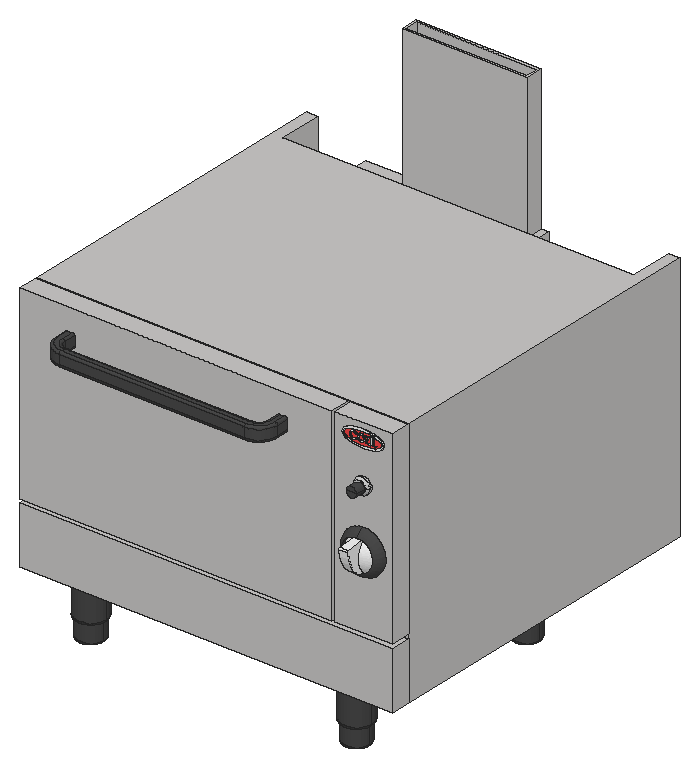
Revit family "QF_MACOM_FOGCP-70", category Equipamento especial, Revit 2020
Family settings
  Cota do conector redondo = Utilizar diâmetro
  Tipo de parte = Normal
  Número OmniClass = 23.40.40.14.17.11
  Título OmniClass = Cookers, Ovens, Stoves
  Com base no plano de trabalho = Não
  Sempre na vertical = Sim
  Corte com vazios quando carregada = Não
  Compartilhado = Não
  Ponto de cálculo do ambiente = Não
Parameters (values of type "FOGCP-70")
  Weight [instance] = 65.00 kg
  URL = "https://cozil.com.br/"
  Modelo = "FOGCP-70"
  Gas Size [instance] = 12.7 mm
  Gas Pressure GN = 0.02 bar
  Gas Pressure GLP = 0.0285 bar
  Gas Input GN = "3070 kcal/h"
  Gas Input GLP = 12147 Btu/h
  Gas Flow GN [instance] = 0.326 m³/h
  Gas Flow GLP = "0.267 Kg/h"
  Fabricante = "COZIL"
  Elevação padrão = 0.00 mm
  Descrição = "FORNO DE BASE MODULAR A GAS - 700X732X620MM (COMPACT LINE II)"
  Type Comments = ""
  Show Logo [instance] = yes
  Show Clearances [instance] = yes
  Serial Number [instance] = ""
  Seismic Rating [instance] = ""
  SMACNA No [instance] = ""
  Revision Code [instance] = ""
  NAFEM Spec ID Number [instance] = ""
  Masterspec [instance] = ""
  Length Actual [instance] = 700.00 mm
  Item Number [instance] = ""
  Identify Quantity as Lot [instance] = yes
  Height Actual [instance] = 620.00 mm
  Gas Connection Height [instance] = 356.00 mm
  Foodservice Equipment Identifier [instance] = yes
  Depth Actual [instance] = 732.00 mm
  CSI MasterFormat [instance] = ""
  CE Approved [instance] = yes
Reference planes
  plane 1 "Centro (Frontal/Traseira)": y = 0
  plane 2: z = 0
  plane 3 "Centro (Esquerda/Direita)": x = 0
  plane 4: y = 732
  plane 5: x = 700
  plane 6: z = 150
  plane 7: z = 620
  plane 8: y = 57
  plane 9: z = 592.38
  plane 10: y = 57
  plane 11: y = 57
  plane 12: x = 45
  plane 13: x = 545
  plane 14: z = 150
  plane 15: z = 150
  plane 16: y = 167
  plane 17: y = 567
Forms (mm)
  Extrusion 1, solid, material "QF_Metal_Stainless Steel"
    sketch origin (1089.021, -1524, 150) x (0, -1, 0) y (-1, 0, 0)
      loop
        line (-2256, 1089.021) -> (-2256, 1069.021) -> (-2174.27, 1069.021) -> (-2174.27, 409.021) -> (-2256, 409.021) -> (-2256, 389.021) -> (-1619, 389.021) -> (-1619, 1089.021) -> (-2256, 1089.021)
    from 0 to -470
  Extrusion 2, solid, material "QF_Metal_Stainless Steel"
    sketch origin (0, 0, 0) x (1, 0, 0) y (0, 1, 0)
      loop
        line (124.152, 650.275) -> (469, 650.275) -> (469, 714.875) -> (124.152, 714.875) -> (124.152, 650.275)
    from 590 to 520
  Extrusion 3, solid, material "QF_Metal_Stainless Steel"
    sketch origin (700, 95, 150) x (-1, 0, 0) y (0, 0, -1)
      loop
        line (700, -470) -> (700, -115.55) -> (113, -115.55) -> (113, -470) -> (700, -470)
    from 0 to 38
  Extrusion 4, solid, material "QF_Metal_Stainless Steel"
    sketch origin (700, 95, 150) x (-1, 0, 0) y (0, 0, -1)
      loop
        line (108.2, -115.55) -> (0, -115.55) -> (0, -470) -> (108.2, -470) -> (108.2, -115.55)
    from 0 to 38
  Extrusion 5, solid, material "QF_Metal_Stainless Steel"
    sketch origin (700, 95, 150) x (-1, 0, 0) y (0, 0, -1)
      loop
        line (700, 0) -> (0, 0) -> (0, -107.7) -> (700, -107.7) -> (700, 0)
    from 0 to 38
  Extrusion 6, solid, material "QF_Metal_Stainless Steel"
    sketch origin (0, 0, 590) x (1, 0, 0) y (0, 1, 0)
      loop
        line (453.62, 682.475) -> (453.62, 714.875) -> (218.82, 714.875) -> (218.82, 682.475) -> (453.62, 682.475)
      loop
        line (450.62, 685.475) -> (450.62, 711.875) -> (221.82, 711.875) -> (221.82, 685.475) -> (450.62, 685.475)
    from 0 to 269.3
  Extrusion 7, solid, material "QF_Clearences", visible <- "Show Clearances", detail levels coarse
    sketch origin (0, 95, 585) x (0, 0, 1) y (0, 1, 0)
      loop
        line (35, 0) -> (-319.45, 0) -> (-319.45, -354.45)
        arc (-319.45, -354.45) -> (-68.816, -250.634) -> (35, 0) r 354.45
    from 0 to -587
  Extrusion 8, solid, material "QF_Metal_Stainless Steel"
    sketch origin (20, 650.27, 150) x (1, 0, 0) y (0, 0, -1)
      loop
        circle (603, -206) r 6.35
    from 0 to 6.35
Cuts and joins
  joined: Extrusion 1, Extrusion 2, Extrusion 6
Lines and regions (mm)
  symbolic lines
    curve 1: line (0, 732, 0) -> (20, 732, 0)
    curve 2: line (20, 732, 0) -> (20, 650.275, 0)
    curve 3: line (20, 650.275, 0) -> (680, 650.275, 0)
    curve 4: line (680, 650.275, 0) -> (680, 732, 0)
    curve 5: line (680, 732, 0) -> (700, 732, 0)
    curve 6: line (700, 732, 0) -> (700, 57, 0)
    curve 7: line (700, 57, 0) -> (0, 57, 0)
    curve 8: line (0, 57, 0) -> (0, 732, 0)
    curve 9: line (124.152, 650.275, 0) -> (124.152, 714.875, 0)
    curve 10: line (124.152, 714.875, 0) -> (469, 714.875, 0)
    curve 11: line (469, 714.875, 0) -> (469, 650.275, 0)
    curve 12: line (218.82, 682.475, 0) -> (453.62, 682.475, 0)
    curve 13: line (218.82, 714.875, 0) -> (218.82, 682.475, 0)
    curve 14: line (453.62, 714.875, 0) -> (218.82, 714.875, 0)
    curve 15: line (453.62, 682.475, 0) -> (453.62, 714.875, 0)
    curve 16: line (221.82, 711.875, 0) -> (450.62, 711.875, 0)
    curve 17: line (221.82, 685.475, 0) -> (221.82, 711.875, 0)
    curve 18: line (450.62, 685.475, 0) -> (221.82, 685.475, 0)
    curve 19: line (450.62, 711.875, 0) -> (450.62, 685.475, 0)
    curve 20: line (0, 95, 0) -> (700, 95, 0)
    curve 21: line (591.8, 95, 0) -> (591.8, 57, 0)
    curve 22: line (587, 95, 0) -> (587, 57, 0)
    curve 23: line (85.001, 57, 0) -> (85.001, 34, 0)
    curve 24: line (119.001, 0, 0) -> (468, 0, 0)
    curve 25: line (502, 57, 0) -> (502, 34, 0)
    curve 26: arc (502, 34, 0) -> (492.042, 9.958, 0) -> (468, 0, 0) r 34
    curve 27: arc (85.001, 34, 0) -> (94.959, 9.958, 0) -> (119.001, 0, 0) r 34
    curve 28: line (102.001, 57, 0) -> (102.001, 34.052, 0)
    curve 29: line (485, 57, 0) -> (485, 34.052, 0)
    curve 30: line (468, 17.052, 0) -> (119.001, 17.052, 0)
    curve 31: arc (485, 34.052, 0) -> (480.021, 22.031, 0) -> (468, 17.052, 0) r 17
    curve 32: arc (119.001, 17.052, 0) -> (106.98, 22.031, 0) -> (102.001, 34.052, 0) r 17
Dimensions and locks
  "Depth Actual": plane 1 "Centro (Frontal/Traseira)" to plane 4
  "Length Actual": plane 3 "Centro (Esquerda/Direita)" to plane 5
  locked: Extrusion 1 sketch curve to plane 1 "Centro (Frontal/Traseira)" at 95
  Extrusion 1 sketch curve to plane 4 = 81.73 mm
  locked: plane 3 "Centro (Esquerda/Direita)" to Extrusion 1 sketch curve at 20
  locked: Extrusion 1 sketch curve to plane 5 at 20
  plane 6 to level = 150.00 mm
  plane 7 to plane 6 = 470.00 mm
  plane 4 to plane 8 = 675.00 mm
  plane 3 "Centro (Esquerda/Direita)" to nested 1 = 85.00 mm
  plane 7 to nested 2 = 26.00 mm
  plane 7 to nested 4 = 105.00 mm
  plane 12 to plane 3 "Centro (Esquerda/Direita)" = 45.00 mm
  plane 13 to plane 12 = 500.00 mm
  plane 4 to plane 17 = 165.00 mm
  plane 16 to plane 8 = 110.00 mm
  plane 5 to Extrusion 8 sketch curve = 77.00 mm
  "Gas Connection Height": level to Extrusion 8 sketch curve
  "Height Actual": level to plane 7
  locked: nested 1 to plane 7 at 41.2
  equal spacing: Extrusion 7, nested 1, plane 3 "Centro (Esquerda/Direita)"
  equal spacing: plane 5, nested 2, Extrusion 4
  equal spacing: Extrusion 4, nested 3, plane 5
  locked: Extrusion 5 sketch curve to plane 6 at 107.7
  Extrusion 3 sketch curve to Extrusion 5 = 7.85 mm
  Extrusion 2 sketch curve to plane 5 = 231.00 mm
  Extrusion 6 sketch curve to Extrusion 6 sketch curve = 234.80 mm
  "Gas Size": diameter of Extrusion 8 sketch curve
  aligned and locked: level to plane 2
  aligned and locked: plane 3 "Centro (Esquerda/Direita)" to Extrusion 1 sketch curve
  aligned and locked: Extrusion 1 sketch curve to plane 5
  aligned and locked: plane 6 to Extrusion 1
  aligned and locked: plane 8 to Extrusion 3
  aligned and locked: Extrusion 4 sketch curve to Extrusion 1
  aligned and locked: Extrusion 1 to Extrusion 4 sketch curve
  aligned and locked: Extrusion 4 to Extrusion 3
  aligned and locked: Extrusion 5 sketch curve to Extrusion 1
  aligned and locked: Extrusion 1 to Extrusion 5 sketch curve
  aligned and locked: Extrusion 5 sketch curve to Extrusion 4
  aligned and locked: Extrusion 5 to Extrusion 3
  aligned and locked: plane 8 to nested 1
  aligned and locked: plane 10 to nested 2
  aligned and locked: plane 8 to plane 10
  aligned and locked: plane 8 to plane 11
  aligned and locked: plane 8 to nested 4
  aligned and locked: nested 4 to nested 2
  aligned and locked: plane 12 to nested 6
  aligned and locked: plane 12 to nested 5
  aligned and locked: plane 13 to nested 7
  aligned and locked: nested 7 to plane 14
  aligned and locked: nested 8 to plane 14
  aligned and locked: plane 14 to nested 5
  aligned and locked: nested 6 to plane 15
  aligned and locked: plane 6 to plane 14
  aligned and locked: plane 6 to plane 15
  aligned and locked: plane 13 to nested 8
  aligned and locked: plane 16 to nested 7
  aligned and locked: plane 16 to nested 5
  aligned and locked: plane 17 to nested 6
  aligned and locked: plane 17 to nested 8
  aligned and locked: Extrusion 7 to plane 3 "Centro (Esquerda/Direita)"
  aligned and locked: plane 3 "Centro (Esquerda/Direita)" to Extrusion 3 sketch curve
  aligned and locked: plane 7 to Extrusion 3 sketch curve
  aligned and locked: Extrusion 3 to Extrusion 4
  aligned and locked: Extrusion 7 sketch curve to cut or joined group of Extrusion 1, Extrusion 2, Extrusion 6
  aligned and locked: curve 2 to cut or joined group of Extrusion 1, Extrusion 2, Extrusion 6
  aligned and locked: curve 4 to cut or joined group of Extrusion 1, Extrusion 2, Extrusion 6
  aligned and locked: curve 10 to cut or joined group of Extrusion 1, Extrusion 2, Extrusion 6
  aligned and locked: curve 11 to cut or joined group of Extrusion 1, Extrusion 2, Extrusion 6
  aligned and locked: cut or joined group of Extrusion 1, Extrusion 2, Extrusion 6 to curve 14
  aligned and locked: cut or joined group of Extrusion 1, Extrusion 2, Extrusion 6 to curve 17
  aligned and locked: cut or joined group of Extrusion 1, Extrusion 2, Extrusion 6 to curve 12
  aligned and locked: curve 13 to cut or joined group of Extrusion 1, Extrusion 2, Extrusion 6
  aligned and locked: curve 15 to cut or joined group of Extrusion 1, Extrusion 2, Extrusion 6
  aligned and locked: cut or joined group of Extrusion 1, Extrusion 2, Extrusion 6 to curve 19
  aligned and locked: curve 16 to cut or joined group of Extrusion 1, Extrusion 2, Extrusion 6
  aligned and locked: curve 18 to cut or joined group of Extrusion 1, Extrusion 2, Extrusion 6
  aligned and locked: curve 21 to Extrusion 4
  aligned and locked: curve 22 to Extrusion 3
Automatic sketch dimensions
  plane 4 to Extrusion 1 sketch curve = 0.00 mm  (x2)
  Extrusion 4 sketch curve to Extrusion 1 = 108.20 mm
  Extrusion 1 to Extrusion 4 sketch curve = 115.55 mm
  Extrusion 3 sketch curve to Extrusion 1 = 113.00 mm
  plane 7 to Extrusion 7 sketch curve = 0.00 mm
  Extrusion 7 sketch curve to plane 6 = 115.55 mm
  plane 4 to Extrusion 2 sketch curve = 81.725 mm
  plane 4 to Extrusion 2 sketch curve = 17.125 mm
  plane 12 to Extrusion 2 sketch curve = 79.152 mm
  Extrusion 6 sketch curve to Extrusion 2 = 0.00 mm
  Extrusion 6 sketch curve to Extrusion 6 sketch curve = 3.00 mm  (x3)
  Extrusion 6 sketch curve to Extrusion 2 = 29.40 mm
  Extrusion 6 sketch curve to Extrusion 2 = 3.00 mm
  Extrusion 6 sketch curve to Extrusion 2 = 18.38 mm
  curve 1 to plane 3 "Centro (Esquerda/Direita)" = 0.00 mm
  plane 8 to curve 23 = 0.00 mm
  plane 1 "Centro (Frontal/Traseira)" to curve 24 = 0.00 mm
  plane 4 to curve 5 = 0.00 mm
  curve 5 to plane 5 = 0.00 mm
  plane 4 to curve 2 = 0.00 mm
  plane 8 to curve 23 = 23.00 mm
  plane 12 to curve 23 = 40.001 mm
  curve 28 to curve 27 = 17.00 mm
  plane 12 to curve 10 = 79.152 mm
  curve 27 to curve 30 = 0.00 mm
  plane 8 to curve 26 = 23.00 mm
  curve 26 to plane 13 = 77.00 mm
  curve 30 to curve 26 = 0.00 mm
  curve 31 to curve 29 = 17.00 mm
  curve 30 to curve 26 = 16.948 mm
  plane 4 to curve 3 = 81.725 mm
  curve 20 to plane 8 = 38.00 mm
Nested families
  nested 1: "PEGADOR" at (293.5, 57, 552.8), type "PEGADOR"
    with Weight 0.00 kg, Watts 0 W, Warranty Start Date "", Warranty Duration "", Volts 0 V, URL Recommended Spares List "", URL Manufacturer "", URL Cutsheet "", URL Critical Spares List "", Technical Documentation "", Tag Number "", Steam type "", Steam Supply Volume 0.0 m³/h, Steam Supply Size 0 mm, Steam Supply Minimum Pressure 0.0 bar, Steam Supply Maximum Pressure 0.0 bar, Steam Supply Connection Height 0.00 mm, Steam Pounds per Hour 0, Status "", Specification by User "", Specification by Manufacturer "", Sound Level "", Solid Fuel Type "", Show Logo yes, Show Clearances yes, Service Life Duration "", Serial Number "", Seismic Rating "", SMACNA No "", Revision Code "", Revision "", Refrigeration Working Pressure 0.0 bar, Refrigeration Evaporation Temperature -273.15 °C, Refrigeration Energy Efficiency Index "", Refrigeration Defrost Drain yes, Refrigeration Climate Class "", Refrigerant Type "", Refrigerant Mass 0, Refrigerant Flow 0.0 m³/h, Production Year "", Point Load 0, Phase 0, Operational Current 0 A, NAFEM Spec ID Number "", Model Warning "", Masterspec "", Length Actual 0.00 mm, Item Number "", Installed By "", Installation Date "", Ingress Protection Code "", Identify Quantity as Lot yes, ID "", Hygiene Approval "", Height Actual 0.00 mm, Gas Size 0 mm, Gas Input 0 Btu/h, Gas Flow GN 0.0 m³/h, Gas Connection Height 0.00 mm, Furnished By "", Fuel Type "", Foodservice Equipment Identifier yes, Flue Type "", Exhaust Volume 0.0 L/s, Exhaust Vent Width 0.00 mm, Exhaust Vent Height 0.00 mm, Exhaust Vent Diameter 0.00 mm, Exhaust Vent Depth 0.00 mm, Exhaust Air Temperature -273.15 °C, Elec Conn Connection Height 0.00 mm, ETL Approved yes, Depth Actual 0.00 mm, Cycle 0 Hz, CSI MasterFormat "", CE Approved yes, Accessory yes
  nested 2: "LOGOTIPO COZIL" at (645.9, 57, 594), visible <- "Show Logo", type "LOGOTIPO COZIL"
    with Weight 0.00 kg, Watts 0 W, Waste Water Discharge Temperature -273.15 °C, Waste Remarks "", Warranty Start Date "", Warranty Duration "", Volts 0 V, Volt Free Conn yes, Ventilation Remarks "", URL Recommended Spares List "", URL Manufacturer "", URL Cutsheet "", URL Critical Spares List "", Technical Documentation "", Tag Number "", Steam type "", Steam Supply Volume 0.0 m³/h, Steam Supply Size 0 mm, Steam Supply RI Height 0.00 mm, Steam Supply Minimum Pressure 0.0 bar, Steam Supply Maximum Pressure 0.0 bar, Steam Supply Connection Height 0.00 mm, Steam Remarks "", Steam Pounds per Hour 0, Status "", Start Up Current 0 A, Specification by User "", Specification by Manufacturer "", Sound Level "", Solid Fuel Type "", Show Logo yes, Show Clearances yes, Service Life Duration "", Serial Number "", Sensible Heat Output 0 Btu/h, Seismic Rating "", SMACNA No "", Revision Code "", Revision "", Refrigeration Working Pressure 0.0 bar, Refrigeration Suction Line Size 0 mm, Refrigeration Liquid Line Size 0 mm, Refrigeration Evaporation Temperature -273.15 °C, Refrigeration Energy Efficiency Index "", Refrigeration Defrost Drain yes, Refrigeration Climate Class "", Refrigerant Type "", Refrigerant Mass 0, Refrigerant Flow 0.0 m³/h, Refrigerant Compressor Remote yes, Production Year "", Preheated Hot Water Temperature Recommended -273.15 °C, Preheated Hot Water Size 0 mm, Preheated Hot Water RI Height 0.00 mm, Preheated Hot Water Quality "", Preheated Hot Water Minimum Pressure 0.0 bar, Preheated Hot Water Maximum Pressure 0.0 bar, Preheated Hot Water Flow 0.0 m³/h, Preheated Hot Water Connection Height 0.00 mm, Potential Equalisation yes, Point Load 0, Plumbing Remarks "", Plumbing Connection Type "", Phase 0, Other Equipment Approvals "", Operational Current 0 A, Odor Trap Included yes, Number of Poles 1, No Load Power Draw yes, National Water Regulation Certification yes, NAFEM Spec ID Number "", Model Warning "", Min Ckt Ampacity 0 A, Mechanical Remarks "", Mechanical Connection Type "", Max Overcurrent Protection 0 A, Masterspec "", Main switch integrated yes, MU Air Volume 0.0 L/s, MU Air Vent Width 0.00 mm, MU Air Vent Diameter 0.00 mm, MU Air Vent Depth 0.00 mm, MU Air Static Press 0.0 Pa, MU Air Speed at Spigot 0.0 L/s, MU Air RI Height 0.00 mm, Length Actual 0.00 mm, Latent Heat Output 0 Btu/h, Item Number "", Installed By "", Installation Date "", Ingress Protection Code "", Indirect Waste Size 0 mm, Indirect Waste Flow 0.0 m³/h, Indirect Waste Connection Type "", Indirect Waste Connection Height 0.00 mm, Identify Quantity as Lot yes, ID "", Hygiene Approval "", Hot Water Temperature -273.15 °C, Hot Water Supply Temperature -273.15 °C, Hot Water Size 0 mm, Hot Water RI Height 0.00 mm, Hot Water Quality "", Hot Water Minimum Pressure 0.0 bar, Hot Water Maximum Pressure 0.0 bar, Hot Water Flow 0.0 m³/h, Hot Water Consumption "", Hot Water Connection Height 0.00 mm, Height Actual 0.00 mm, HP "", Gas Size Flexible 0 mm, Gas Size Fixed 0 mm, Gas Size 0 mm, Gas RI Height 0.00 mm, Gas Input 0 Btu/h, Gas Flow 0.0 m³/h, Gas Connection Height 0.00 mm, Furnished By "", Fuel Type "", Foodservice Equipment Identifier yes, Flue Type "", Filtered Treated Water Supply Size 0 mm, Filtered Treated Water Recommended Temperature -273.15 °C, Filtered Treated Water RI Height 0.00 mm, Filtered Treated Water Quality "", Filtered Treated Water Minimum Pressure 0.0 bar, Filtered Treated Water Maximum Pressure 0.0 bar, Filtered Treated Water Flow 0.0 m³/h, Filtered Treated Water Consumption "", Filtered Treated Water Connection Height 0.00 mm, FL Amps 0 A, Exhaust Volume 0.0 L/s, Exhaust Vent Width 0.00 mm, Exhaust Vent Height 0.00 mm, Exhaust Vent Diameter 0.00 mm, Exhaust Vent Depth 0.00 mm, Exhaust Static Press 0.0 Pa, Exhaust Speed at Spigot 0.0 L/s, Exhaust RI Height 0.00 mm, Exhaust Air Temperature -273.15 °C, Exhaust Air Humidity 0, Energy Efficiency Labelling "", Electrical Remarks "", Electric Connection Type "", Elec Conn RI Height 0.00 mm, Elec Conn Connection Height 0.00 mm, Earth Leakage Switch necessary yes, Earth Leakage Switch Type "", ETL Approved yes, Direct Waste Size 0 mm, Direct Waste RI Height 0.00 mm, Direct Waste Flow 0.0 m³/h, Direct Waste Connection Height 0.00 mm, Direct Heat Output 0 Btu/h, Digital Connectivity Description "", Depth Actual 0.00 mm, Cycle 0 Hz, Connection to energy optimisation system yes, Conn Plug "", Conn Conduit yes, Condensate Return Size 0 mm, Condensate Return RI Height 0.00 mm, Condensate Return Connection Height 0.00 mm, Compressed Air Volume 0.0 m³/h, Compressed Air Size 0 mm, Compressed Air RI Height 0.00 mm, Compressed Air Quality "", Compressed Air Pressure 0.0 bar, Compressed Air Connection Height 0.00 mm, Cold Water Temperature Recommended -273.15 °C, Cold Water Size 0 mm, Cold Water RI Height 0.00 mm, Cold Water Quality "", Cold Water Minimum Pressure 0.0 bar, Cold Water Maximum Pressure 0.0 bar, Cold Water Flow 0.0 m³/h, Cold Water Consumption "", Cold Water Connection Height 0.00 mm, Chilled Water Temperature -273.15 °C, Chilled Water Supply Size 0 mm, Chilled Water Supply RI Height 0.00 mm, Chilled Water Supply Quality "", Chilled Water Supply Maximum Temperature -273.15 °C, Chilled Water Supply Connection Height 0.00 mm, Chilled Water Return Size 0 mm, Chilled Water Return RI Height 0.00 mm, Chilled Water Return Minimum Pressure 0.0 bar, Chilled Water Return Maximum Pressure 0.0 bar, Chilled Water Return Connection Height 0.00 mm, Chilled Water Minimum Pressure 0.0 bar, Chilled Water Maximum Pressure 0.0 bar, Chilled Water Flow 0.0 m³/h, CSI MasterFormat "", CO2 Volume 0.0 m³/h, CO2 Size 0 mm, CO2 RI Height 0.00 mm, CO2 Pressure 0.0 bar, CO2 Connection Height 0.00 mm, CE Approved yes, Barcode "", BTUH 0 Btu/h, Author "", Asset Identifier "", Apparent Power 0 VA, Accessory yes, Ability for Digital Connectivity yes
  nested 3: "Botão Fogão" at (645.9, 57, 403) x (0, 0, -1) z (0, -1, 0), type "Botão Fogão"
    with Weight 0.00 kg, Watts 0 W, Waste Water Discharge Temperature -273.15 °C, Waste Remarks "", Warranty Start Date "", Warranty Duration "", Volts 0 V, Volt Free Conn yes, Ventilation Remarks "", URL Recommended Spares List "", URL Manufacturer "", URL Cutsheet "", URL Critical Spares List "", Technical Documentation "", Tag Number "", Steam type "", Steam Supply Volume 0.0 m³/h, Steam Supply Size 0 mm, Steam Supply RI Height 0.00 mm, Steam Supply Minimum Pressure 0.0 bar, Steam Supply Maximum Pressure 0.0 bar, Steam Supply Connection Height 0.00 mm, Steam Remarks "", Steam Pounds per Hour 0, Status "", Start Up Current 0 A, Specification by User "", Specification by Manufacturer "", Sound Level "", Solid Fuel Type "", Show Logo yes, Show Clearances yes, Service Life Duration "", Serial Number "", Sensible Heat Output 0 Btu/h, Seismic Rating "", SMACNA No "", Revision Code "", Revision "", Refrigeration Working Pressure 0.0 bar, Refrigeration Suction Line Size 0 mm, Refrigeration Liquid Line Size 0 mm, Refrigeration Evaporation Temperature -273.15 °C, Refrigeration Energy Efficiency Index "", Refrigeration Defrost Drain yes, Refrigeration Climate Class "", Refrigerant Type "", Refrigerant Mass 0, Refrigerant Flow 0.0 m³/h, Refrigerant Compressor Remote yes, Production Year "", Preheated Hot Water Temperature Recommended -273.15 °C, Preheated Hot Water Size 0 mm, Preheated Hot Water RI Height 0.00 mm, Preheated Hot Water Quality "", Preheated Hot Water Minimum Pressure 0.0 bar, Preheated Hot Water Maximum Pressure 0.0 bar, Preheated Hot Water Flow 0.0 m³/h, Preheated Hot Water Connection Height 0.00 mm, Potential Equalisation yes, Point Load 0, Plumbing Remarks "", Plumbing Connection Type "", Phase 0, Other Equipment Approvals "", Operational Current 0 A, Odor Trap Included yes, Number of Poles 1, No Load Power Draw yes, National Water Regulation Certification yes, NAFEM Spec ID Number "", Model Warning "", Min Ckt Ampacity 0 A, Mechanical Remarks "", Mechanical Connection Type "", Max Overcurrent Protection 0 A, Masterspec "", Main switch integrated yes, MU Air Volume 0.0 L/s, MU Air Vent Width 0.00 mm, MU Air Vent Diameter 0.00 mm, MU Air Vent Depth 0.00 mm, MU Air Static Press 0.0 Pa, MU Air Speed at Spigot 0.0 L/s, MU Air RI Height 0.00 mm, Length Actual 0.00 mm, Latent Heat Output 0 Btu/h, Item Number "", Installed By "", Installation Date "", Ingress Protection Code "", Indirect Waste Size 0 mm, Indirect Waste Flow 0.0 m³/h, Indirect Waste Connection Type "", Indirect Waste Connection Height 0.00 mm, Identify Quantity as Lot yes, ID "", Hygiene Approval "", Hot Water Temperature -273.15 °C, Hot Water Supply Temperature -273.15 °C, Hot Water Size 0 mm, Hot Water RI Height 0.00 mm, Hot Water Quality "", Hot Water Minimum Pressure 0.0 bar, Hot Water Maximum Pressure 0.0 bar, Hot Water Flow 0.0 m³/h, Hot Water Consumption "", Hot Water Connection Height 0.00 mm, Height Actual 0.00 mm, HP "", Gas Size Flexible 0 mm, Gas Size Fixed 0 mm, Gas Size 0 mm, Gas RI Height 0.00 mm, Gas Input 0 Btu/h, Gas Flow 0.0 m³/h, Gas Connection Height 0.00 mm, Furnished By "", Fuel Type "", Foodservice Equipment Identifier yes, Flue Type "", Filtered Treated Water Supply Size 0 mm, Filtered Treated Water Recommended Temperature -273.15 °C, Filtered Treated Water RI Height 0.00 mm, Filtered Treated Water Quality "", Filtered Treated Water Minimum Pressure 0.0 bar, Filtered Treated Water Maximum Pressure 0.0 bar, Filtered Treated Water Flow 0.0 m³/h, Filtered Treated Water Consumption "", Filtered Treated Water Connection Height 0.00 mm, FL Amps 0 A, Exhaust Volume 0.0 L/s, Exhaust Vent Width 0.00 mm, Exhaust Vent Height 0.00 mm, Exhaust Vent Diameter 0.00 mm, Exhaust Vent Depth 0.00 mm, Exhaust Static Press 0.0 Pa, Exhaust Speed at Spigot 0.0 L/s, Exhaust RI Height 0.00 mm, Exhaust Air Temperature -273.15 °C, Exhaust Air Humidity 0, Energy Efficiency Labelling "", Electrical Remarks "", Electric Connection Type "", Elec Conn RI Height 0.00 mm, Elec Conn Connection Height 0.00 mm, Earth Leakage Switch necessary yes, Earth Leakage Switch Type "", ETL Approved yes, Direct Waste Size 0 mm, Direct Waste RI Height 0.00 mm, Direct Waste Flow 0.0 m³/h, Direct Waste Connection Height 0.00 mm, Direct Heat Output 0 Btu/h, Digital Connectivity Description "", Depth Actual 0.00 mm, Cycle 0 Hz, Connection to energy optimisation system yes, Conn Plug "", Conn Conduit yes, Condensate Return Size 0 mm, Condensate Return RI Height 0.00 mm, Condensate Return Connection Height 0.00 mm, Compressed Air Volume 0.0 m³/h, Compressed Air Size 0 mm, Compressed Air RI Height 0.00 mm, Compressed Air Quality "", Compressed Air Pressure 0.0 bar, Compressed Air Connection Height 0.00 mm, Cold Water Temperature Recommended -273.15 °C, Cold Water Size 0 mm, Cold Water RI Height 0.00 mm, Cold Water Quality "", Cold Water Minimum Pressure 0.0 bar, Cold Water Maximum Pressure 0.0 bar, Cold Water Flow 0.0 m³/h, Cold Water Consumption "", Cold Water Connection Height 0.00 mm, Chilled Water Temperature -273.15 °C, Chilled Water Supply Size 0 mm, Chilled Water Supply RI Height 0.00 mm, Chilled Water Supply Quality "", Chilled Water Supply Maximum Temperature -273.15 °C, Chilled Water Supply Connection Height 0.00 mm, Chilled Water Return Size 0 mm, Chilled Water Return RI Height 0.00 mm, Chilled Water Return Minimum Pressure 0.0 bar, Chilled Water Return Maximum Pressure 0.0 bar, Chilled Water Return Connection Height 0.00 mm, Chilled Water Minimum Pressure 0.0 bar, Chilled Water Maximum Pressure 0.0 bar, Chilled Water Flow 0.0 m³/h, CSI MasterFormat "", CO2 Volume 0.0 m³/h, CO2 Size 0 mm, CO2 RI Height 0.00 mm, CO2 Pressure 0.0 bar, CO2 Connection Height 0.00 mm, CE Approved yes, Barcode "", BTUH 0 Btu/h, Author "", Asset Identifier "", Apparent Power 0 VA, Accessory yes, Ability for Digital Connectivity yes
  nested 4: "Botão" at (645.9, 57, 500), type "Botão"
    with Weight 0.00 kg, Watts 0 W, Waste Water Discharge Temperature -273.15 °C, Waste Remarks "", Warranty Start Date "", Warranty Duration "", Volts 0 V, Volt Free Conn yes, Ventilation Remarks "", URL Recommended Spares List "", URL Manufacturer "", URL Cutsheet "", URL Critical Spares List "", Technical Documentation "", Tag Number "", Steam type "", Steam Supply Volume 0.0 m³/h, Steam Supply Size 0 mm, Steam Supply RI Height 0.00 mm, Steam Supply Minimum Pressure 0.0 bar, Steam Supply Maximum Pressure 0.0 bar, Steam Supply Connection Height 0.00 mm, Steam Remarks "", Steam Pounds per Hour 0, Status "", Start Up Current 0 A, Specification by User "", Specification by Manufacturer "", Sound Level "", Solid Fuel Type "", Show Logo yes, Show Clearances yes, Service Life Duration "", Serial Number "", Sensible Heat Output 0 Btu/h, Seismic Rating "", SMACNA No "", Revision Code "", Revision "", Refrigeration Working Pressure 0.0 bar, Refrigeration Suction Line Size 0 mm, Refrigeration Liquid Line Size 0 mm, Refrigeration Evaporation Temperature -273.15 °C, Refrigeration Energy Efficiency Index "", Refrigeration Defrost Drain yes, Refrigeration Climate Class "", Refrigerant Type "", Refrigerant Mass 0, Refrigerant Flow 0.0 m³/h, Refrigerant Compressor Remote yes, Production Year "", Preheated Hot Water Temperature Recommended -273.15 °C, Preheated Hot Water Size 0 mm, Preheated Hot Water RI Height 0.00 mm, Preheated Hot Water Quality "", Preheated Hot Water Minimum Pressure 0.0 bar, Preheated Hot Water Maximum Pressure 0.0 bar, Preheated Hot Water Flow 0.0 m³/h, Preheated Hot Water Connection Height 0.00 mm, Potential Equalisation yes, Point Load 0, Plumbing Remarks "", Plumbing Connection Type "", Phase 0, Other Equipment Approvals "", Operational Current 0 A, Odor Trap Included yes, Number of Poles 1, No Load Power Draw yes, National Water Regulation Certification yes, NAFEM Spec ID Number "", Model Warning "", Min Ckt Ampacity 0 A, Mechanical Remarks "", Mechanical Connection Type "", Max Overcurrent Protection 0 A, Masterspec "", Main switch integrated yes, MU Air Volume 0.0 L/s, MU Air Vent Width 0.00 mm, MU Air Vent Diameter 0.00 mm, MU Air Vent Depth 0.00 mm, MU Air Static Press 0.0 Pa, MU Air Speed at Spigot 0.0 L/s, MU Air RI Height 0.00 mm, Length Actual 0.00 mm, Latent Heat Output 0 Btu/h, Item Number "", Installed By "", Installation Date "", Ingress Protection Code "", Indirect Waste Size 0 mm, Indirect Waste Flow 0.0 m³/h, Indirect Waste Connection Type "", Indirect Waste Connection Height 0.00 mm, Identify Quantity as Lot yes, ID "", Hygiene Approval "", Hot Water Temperature -273.15 °C, Hot Water Supply Temperature -273.15 °C, Hot Water Size 0 mm, Hot Water RI Height 0.00 mm, Hot Water Quality "", Hot Water Minimum Pressure 0.0 bar, Hot Water Maximum Pressure 0.0 bar, Hot Water Flow 0.0 m³/h, Hot Water Consumption "", Hot Water Connection Height 0.00 mm, Height Actual 0.00 mm, HP "", Gas Size Flexible 0 mm, Gas Size Fixed 0 mm, Gas Size 0 mm, Gas RI Height 0.00 mm, Gas Input 0 Btu/h, Gas Flow 0.0 m³/h, Gas Connection Height 0.00 mm, Furnished By "", Fuel Type "", Foodservice Equipment Identifier yes, Flue Type "", Filtered Treated Water Supply Size 0 mm, Filtered Treated Water Recommended Temperature -273.15 °C, Filtered Treated Water RI Height 0.00 mm, Filtered Treated Water Quality "", Filtered Treated Water Minimum Pressure 0.0 bar, Filtered Treated Water Maximum Pressure 0.0 bar, Filtered Treated Water Flow 0.0 m³/h, Filtered Treated Water Consumption "", Filtered Treated Water Connection Height 0.00 mm, FL Amps 0 A, Exhaust Volume 0.0 L/s, Exhaust Vent Width 0.00 mm, Exhaust Vent Height 0.00 mm, Exhaust Vent Diameter 0.00 mm, Exhaust Vent Depth 0.00 mm, Exhaust Static Press 0.0 Pa, Exhaust Speed at Spigot 0.0 L/s, Exhaust RI Height 0.00 mm, Exhaust Air Temperature -273.15 °C, Exhaust Air Humidity 0, Energy Efficiency Labelling "", Electrical Remarks "", Electric Connection Type "", Elec Conn RI Height 0.00 mm, Elec Conn Connection Height 0.00 mm, Earth Leakage Switch necessary yes, Earth Leakage Switch Type "", ETL Approved yes, Direct Waste Size 0 mm, Direct Waste RI Height 0.00 mm, Direct Waste Flow 0.0 m³/h, Direct Waste Connection Height 0.00 mm, Direct Heat Output 0 Btu/h, Digital Connectivity Description "", Depth Actual 0.00 mm, Cycle 0 Hz, Connection to energy optimisation system yes, Conn Plug "", Conn Conduit yes, Condensate Return Size 0 mm, Condensate Return RI Height 0.00 mm, Condensate Return Connection Height 0.00 mm, Compressed Air Volume 0.0 m³/h, Compressed Air Size 0 mm, Compressed Air RI Height 0.00 mm, Compressed Air Quality "", Compressed Air Pressure 0.0 bar, Compressed Air Connection Height 0.00 mm, Cold Water Temperature Recommended -273.15 °C, Cold Water Size 0 mm, Cold Water RI Height 0.00 mm, Cold Water Quality "", Cold Water Minimum Pressure 0.0 bar, Cold Water Maximum Pressure 0.0 bar, Cold Water Flow 0.0 m³/h, Cold Water Consumption "", Cold Water Connection Height 0.00 mm, Chilled Water Temperature -273.15 °C, Chilled Water Supply Size 0 mm, Chilled Water Supply RI Height 0.00 mm, Chilled Water Supply Quality "", Chilled Water Supply Maximum Temperature -273.15 °C, Chilled Water Supply Connection Height 0.00 mm, Chilled Water Return Size 0 mm, Chilled Water Return RI Height 0.00 mm, Chilled Water Return Minimum Pressure 0.0 bar, Chilled Water Return Maximum Pressure 0.0 bar, Chilled Water Return Connection Height 0.00 mm, Chilled Water Minimum Pressure 0.0 bar, Chilled Water Maximum Pressure 0.0 bar, Chilled Water Flow 0.0 m³/h, CSI MasterFormat "", CO2 Volume 0.0 m³/h, CO2 Size 0 mm, CO2 RI Height 0.00 mm, CO2 Pressure 0.0 bar, CO2 Connection Height 0.00 mm, CE Approved yes, Barcode "", BTUH 0 Btu/h, Author "", Asset Identifier "", Apparent Power 0 VA, Accessory yes, Ability for Digital Connectivity yes
  nested 5: "PÉ DE APOIO 150" at (45, 167, 0.5), type "PÉ DE APOIO 150"
  nested 6: "PÉ DE APOIO 150" at (45, 567, 0.5), type "PÉ DE APOIO 150"
  nested 7: "PÉ DE APOIO 150" at (545, 167, 0.5), type "PÉ DE APOIO 150"
  nested 8: "PÉ DE APOIO 150" at (545, 567, 0.5), type "PÉ DE APOIO 150"
Connectors
  piping at (623, 656.62, 356), diameter 12.7, driven by "Gas Size", driven by "Gas Flow GN"
    settings: on Extrusion 8, index 1, connector inside diameter 609.6 mm, connector length 0.00 mm, flow factor 0, pipe flow 0.326 m³/h, pressure drop 0.0 bar, fitting loss kfactor 0, connector angle 0.00°, fixture units 0, engagement length 0.00 mm, angle of deflection 0.00°, flow configuration 0, flow direction 1, fitting loss method 0, system type 22, joint type 0, gender type 0, connector reference index -1, connector utility 0, adjustable connector no, is connector primary yes, connector description ""
Definition of nested family "PEGADOR"
  Parameters (values of type "PEGADOR")
    Weight [instance] = 0.00 kg
    Watts [instance] = 0 W
    Warranty Start Date [instance] = ""
    Warranty Duration [instance] = ""
    Volts [instance] = 0 V
    URL Recommended Spares List [instance] = ""
    URL Manufacturer [instance] = ""
    URL Cutsheet [instance] = ""
    URL Critical Spares List [instance] = ""
    Gas Flow GN [instance] = 0.0 m³/h
    Gas Flow GLP = ""
    Default Elevation = 0.00 mm
    Type Comments = ""
    Technical Documentation [instance] = ""
    Tag Number [instance] = ""
    Steam type [instance] = ""
    Steam Supply Volume [instance] = 0.0 m³/h
    Steam Supply Size [instance] = 0 mm
    Steam Supply Minimum Pressure [instance] = 0.0 bar
    Steam Supply Maximum Pressure [instance] = 0.0 bar
    Steam Supply Connection Height [instance] = 0.00 mm
    Steam Pounds per Hour [instance] = 0
    Status [instance] = ""
    Specification by User [instance] = ""
    Specification by Manufacturer [instance] = ""
    Sound Level [instance] = ""
    Solid Fuel Type [instance] = ""
    Show Logo [instance] = yes
    Show Clearances [instance] = yes
    Service Life Duration [instance] = ""
    Serial Number [instance] = ""
    Seismic Rating [instance] = ""
    SMACNA No [instance] = ""
    Revision Code [instance] = ""
    Revision [instance] = ""
    Refrigeration Working Pressure [instance] = 0.0 bar
    Refrigeration Evaporation Temperature [instance] = -273.15 °C
    Refrigeration Energy Efficiency Index [instance] = ""
    Refrigeration Defrost Drain [instance] = yes
    Refrigeration Climate Class [instance] = ""
    Refrigerant Type [instance] = ""
    Refrigerant Mass [instance] = 0
    Refrigerant Flow [instance] = 0.0 m³/h
    Production Year [instance] = ""
    Point Load [instance] = 0
    Phase [instance] = 0
    Operational Current [instance] = 0 A
    NAFEM Spec ID Number [instance] = ""
    Model Warning [instance] = ""
    Masterspec [instance] = ""
    Length Actual [instance] = 0.00 mm
    Item Number [instance] = ""
    Installed By [instance] = ""
    Installation Date [instance] = ""
    Ingress Protection Code [instance] = ""
    Identify Quantity as Lot [instance] = yes
    ID [instance] = ""
    Hygiene Approval [instance] = ""
    Height Actual [instance] = 0.00 mm
    Gas Size [instance] = 0 mm
    Gas Input [instance] = 0 Btu/h
    Gas Connection Height [instance] = 0.00 mm
    Furnished By [instance] = ""
    Fuel Type [instance] = ""
    Foodservice Equipment Identifier [instance] = yes
    Flue Type [instance] = ""
    Exhaust Volume [instance] = 0.0 L/s
    Exhaust Vent Width [instance] = 0.00 mm
    Exhaust Vent Height [instance] = 0.00 mm
    Exhaust Vent Diameter [instance] = 0.00 mm
    Exhaust Vent Depth [instance] = 0.00 mm
    Exhaust Air Temperature [instance] = -273.15 °C
    Elec Conn Connection Height [instance] = 0.00 mm
    ETL Approved [instance] = yes
    Depth Actual [instance] = 0.00 mm
    Cycle [instance] = 0 Hz
    CSI MasterFormat [instance] = ""
    CE Approved [instance] = yes
    Accessory [instance] = yes
  Reference planes
    plane 1 "Centro (Frontal/Traseira)": y = 0
    plane 2: z = 0
    plane 3 "Centro (Esquerda/Direita)": x = 0
    plane 4: z = 656.834
  Forms (mm)
    Sweep 1, solid
      path origin (-200, -50, 21) x (1, 0, 0) y (0, 1, 0)
        loop
          line (0, 50) -> (0, 27.05)
          arc (0, 27.05) -> (7.469, 9.019) -> (25.5, 1.55) r 25.5
          line (25.5, 1.55) -> (374.5, 1.55)
          arc (374.5, 1.55) -> (392.531, 9.019) -> (400, 27.05) r 25.5
          line (400, 27.05) -> (400, 50)
      profile origin (-200, -11.475, 21) x (1, 0, 0) y (0, 0, 1)
        loop
          line (-4.544, -21) -> (4.465, -21)
          arc (4.465, -21) -> (7.318, -19.818) -> (8.5, -16.965) r 4.035
          line (8.5, -16.965) -> (8.5, 1.035)
          arc (8.5, 1.035) -> (7.339, 3.839) -> (4.535, 5) r 3.965
          line (4.535, 5) -> (-4.475, 5)
          arc (-4.475, 5) -> (-7.321, 3.821) -> (-8.5, 0.975) r 4.025
          line (-8.5, 0.975) -> (-8.5, -17.044)
          arc (-8.5, -17.044) -> (-7.341, -19.841) -> (-4.544, -21) r 3.956
  Dimensions and locks
    plane 4 to level = 656.834 mm
    Sweep 1 sketch curve to plane 3 "Centro (Esquerda/Direita)" = 208.50 mm
    Sweep 1 sketch curve to plane 3 "Centro (Esquerda/Direita)" = 191.50 mm
    aligned and locked: level to plane 2
Definition of nested family "LOGOTIPO COZIL"
  Parameters (values of type "LOGOTIPO COZIL")
    Weight [instance] = 0.00 kg
    Watts [instance] = 0 W
    Waste Water Discharge Temperature [instance] = -273.15 °C
    Waste Remarks [instance] = ""
    Warranty Start Date [instance] = ""
    Warranty Duration [instance] = ""
    Volts [instance] = 0 V
    Volt Free Conn [instance] = yes
    Ventilation Remarks [instance] = ""
    URL Recommended Spares List [instance] = ""
    URL Manufacturer [instance] = ""
    URL Cutsheet [instance] = ""
    URL Critical Spares List [instance] = ""
    Default Elevation = 0.00 mm
    Type Comments = "USA_IFSE_SharedParameters_Dummy_V07_21"
    Technical Documentation [instance] = ""
    Tag Number [instance] = ""
    Steam type [instance] = ""
    Steam Supply Volume [instance] = 0.0 m³/h
    Steam Supply Size [instance] = 0 mm
    Steam Supply RI Height [instance] = 0.00 mm
    Steam Supply Minimum Pressure [instance] = 0.0 bar
    Steam Supply Maximum Pressure [instance] = 0.0 bar
    Steam Supply Connection Height [instance] = 0.00 mm
    Steam Remarks [instance] = ""
    Steam Pounds per Hour [instance] = 0
    Status [instance] = ""
    Start Up Current [instance] = 0 A
    Specification by User [instance] = ""
    Specification by Manufacturer [instance] = ""
    Sound Level [instance] = ""
    Solid Fuel Type [instance] = ""
    Show Logo [instance] = yes
    Show Clearances [instance] = yes
    Service Life Duration [instance] = ""
    Serial Number [instance] = ""
    Sensible Heat Output [instance] = 0 Btu/h
    Seismic Rating [instance] = ""
    SMACNA No [instance] = ""
    Revision Code [instance] = ""
    Revision [instance] = ""
    Refrigeration Working Pressure [instance] = 0.0 bar
    Refrigeration Suction Line Size [instance] = 0 mm
    Refrigeration Liquid Line Size [instance] = 0 mm
    Refrigeration Evaporation Temperature [instance] = -273.15 °C
    Refrigeration Energy Efficiency Index [instance] = ""
    Refrigeration Defrost Drain [instance] = yes
    Refrigeration Climate Class [instance] = ""
    Refrigerant Type [instance] = ""
    Refrigerant Mass [instance] = 0
    Refrigerant Flow [instance] = 0.0 m³/h
    Refrigerant Compressor Remote [instance] = yes
    Production Year [instance] = ""
    Preheated Hot Water Temperature Recommended [instance] = -273.15 °C
    Preheated Hot Water Size [instance] = 0 mm
    Preheated Hot Water RI Height [instance] = 0.00 mm
    Preheated Hot Water Quality [instance] = ""
    Preheated Hot Water Minimum Pressure [instance] = 0.0 bar
    Preheated Hot Water Maximum Pressure [instance] = 0.0 bar
    Preheated Hot Water Flow [instance] = 0.0 m³/h
    Preheated Hot Water Connection Height [instance] = 0.00 mm
    Potential Equalisation [instance] = yes
    Point Load [instance] = 0
    Plumbing Remarks [instance] = ""
    Plumbing Connection Type [instance] = ""
    Phase [instance] = 0
    Other Equipment Approvals [instance] = ""
    Operational Current [instance] = 0 A
    Odor Trap Included [instance] = yes
    Number of Poles [instance] = 1
    No Load Power Draw [instance] = yes
    National Water Regulation Certification [instance] = yes
    NAFEM Spec ID Number [instance] = ""
    Model Warning [instance] = ""
    Min Ckt Ampacity [instance] = 0 A
    Mechanical Remarks [instance] = ""
    Mechanical Connection Type [instance] = ""
    Max Overcurrent Protection [instance] = 0 A
    Masterspec [instance] = ""
    Main switch integrated [instance] = yes
    MU Air Volume [instance] = 0.0 L/s
    MU Air Vent Width [instance] = 0.00 mm
    MU Air Vent Diameter [instance] = 0.00 mm
    MU Air Vent Depth [instance] = 0.00 mm
    MU Air Static Press [instance] = 0.0 Pa
    MU Air Speed at Spigot [instance] = 0.0 L/s
    MU Air RI Height [instance] = 0.00 mm
    Length Actual [instance] = 0.00 mm
    Latent Heat Output [instance] = 0 Btu/h
    Item Number [instance] = ""
    Installed By [instance] = ""
    Installation Date [instance] = ""
    Ingress Protection Code [instance] = ""
    Indirect Waste Size [instance] = 0 mm
    Indirect Waste Flow [instance] = 0.0 m³/h
    Indirect Waste Connection Type [instance] = ""
    Indirect Waste Connection Height [instance] = 0.00 mm
    Identify Quantity as Lot [instance] = yes
    ID [instance] = ""
    Hygiene Approval [instance] = ""
    Hot Water Temperature [instance] = -273.15 °C
    Hot Water Supply Temperature [instance] = -273.15 °C
    Hot Water Size [instance] = 0 mm
    Hot Water RI Height [instance] = 0.00 mm
    Hot Water Quality [instance] = ""
    Hot Water Minimum Pressure [instance] = 0.0 bar
    Hot Water Maximum Pressure [instance] = 0.0 bar
    Hot Water Flow [instance] = 0.0 m³/h
    Hot Water Consumption [instance] = ""
    Hot Water Connection Height [instance] = 0.00 mm
    Height Actual [instance] = 0.00 mm
    HP [instance] = ""
    Gas Size Flexible [instance] = 0 mm
    Gas Size Fixed [instance] = 0 mm
    Gas Size [instance] = 0 mm
    Gas RI Height [instance] = 0.00 mm
    Gas Input [instance] = 0 Btu/h
    Gas Flow [instance] = 0.0 m³/h
    Gas Connection Height [instance] = 0.00 mm
    Furnished By [instance] = ""
    Fuel Type [instance] = ""
    Foodservice Equipment Identifier [instance] = yes
    Flue Type [instance] = ""
    Filtered Treated Water Supply Size [instance] = 0 mm
    Filtered Treated Water Recommended Temperature [instance] = -273.15 °C
    Filtered Treated Water RI Height [instance] = 0.00 mm
    Filtered Treated Water Quality [instance] = ""
    Filtered Treated Water Minimum Pressure [instance] = 0.0 bar
    Filtered Treated Water Maximum Pressure [instance] = 0.0 bar
    Filtered Treated Water Flow [instance] = 0.0 m³/h
    Filtered Treated Water Consumption [instance] = ""
    Filtered Treated Water Connection Height [instance] = 0.00 mm
    FL Amps [instance] = 0 A
    Exhaust Volume [instance] = 0.0 L/s
    Exhaust Vent Width [instance] = 0.00 mm
    Exhaust Vent Height [instance] = 0.00 mm
    Exhaust Vent Diameter [instance] = 0.00 mm
    Exhaust Vent Depth [instance] = 0.00 mm
    Exhaust Static Press [instance] = 0.0 Pa
    Exhaust Speed at Spigot [instance] = 0.0 L/s
    Exhaust RI Height [instance] = 0.00 mm
    Exhaust Air Temperature [instance] = -273.15 °C
    Exhaust Air Humidity [instance] = 0
    Energy Efficiency Labelling [instance] = ""
    Electrical Remarks [instance] = ""
    Electric Connection Type [instance] = ""
    Elec Conn RI Height [instance] = 0.00 mm
    Elec Conn Connection Height [instance] = 0.00 mm
    Earth Leakage Switch necessary [instance] = yes
    Earth Leakage Switch Type [instance] = ""
    ETL Approved [instance] = yes
    Direct Waste Size [instance] = 0 mm
    Direct Waste RI Height [instance] = 0.00 mm
    Direct Waste Flow [instance] = 0.0 m³/h
    Direct Waste Connection Height [instance] = 0.00 mm
    Direct Heat Output [instance] = 0 Btu/h
    Digital Connectivity Description [instance] = ""
    Depth Actual [instance] = 0.00 mm
    Cycle [instance] = 0 Hz
    Connection to energy optimisation system [instance] = yes
    Conn Plug [instance] = ""
    Conn Conduit [instance] = yes
    Condensate Return Size [instance] = 0 mm
    Condensate Return RI Height [instance] = 0.00 mm
    Condensate Return Connection Height [instance] = 0.00 mm
    Compressed Air Volume [instance] = 0.0 m³/h
    Compressed Air Size [instance] = 0 mm
    Compressed Air RI Height [instance] = 0.00 mm
    Compressed Air Quality [instance] = ""
    Compressed Air Pressure [instance] = 0.0 bar
    Compressed Air Connection Height [instance] = 0.00 mm
    Cold Water Temperature Recommended [instance] = -273.15 °C
    Cold Water Size [instance] = 0 mm
    Cold Water RI Height [instance] = 0.00 mm
    Cold Water Quality [instance] = ""
    Cold Water Minimum Pressure [instance] = 0.0 bar
    Cold Water Maximum Pressure [instance] = 0.0 bar
    Cold Water Flow [instance] = 0.0 m³/h
    Cold Water Consumption [instance] = ""
    Cold Water Connection Height [instance] = 0.00 mm
    Chilled Water Temperature [instance] = -273.15 °C
    Chilled Water Supply Size [instance] = 0 mm
    Chilled Water Supply RI Height [instance] = 0.00 mm
    Chilled Water Supply Quality [instance] = ""
    Chilled Water Supply Maximum Temperature [instance] = -273.15 °C
    Chilled Water Supply Connection Height [instance] = 0.00 mm
    Chilled Water Return Size [instance] = 0 mm
    Chilled Water Return RI Height [instance] = 0.00 mm
    Chilled Water Return Minimum Pressure [instance] = 0.0 bar
    Chilled Water Return Maximum Pressure [instance] = 0.0 bar
    Chilled Water Return Connection Height [instance] = 0.00 mm
    Chilled Water Minimum Pressure [instance] = 0.0 bar
    Chilled Water Maximum Pressure [instance] = 0.0 bar
    Chilled Water Flow [instance] = 0.0 m³/h
    CSI MasterFormat [instance] = ""
    CO2 Volume [instance] = 0.0 m³/h
    CO2 Size [instance] = 0 mm
    CO2 RI Height [instance] = 0.00 mm
    CO2 Pressure [instance] = 0.0 bar
    CO2 Connection Height [instance] = 0.00 mm
    CE Approved [instance] = yes
    Barcode [instance] = ""
    BTUH [instance] = 0 Btu/h
    Author [instance] = ""
    Asset Identifier [instance] = ""
    Apparent Power [instance] = 0 VA
    Accessory [instance] = yes
    Ability for Digital Connectivity [instance] = yes
  Reference planes
    plane 1 "Centro (Frontal/Traseira)": y = 0
    plane 2: z = 0
    plane 3 "Centro (Esquerda/Direita)": x = 0
  Forms (mm)
    Extrusion 1, solid
      sketch origin (0, 0, 0) x (1, 0, 0) y (0, 0, 1)
        loop
          spline (-39, 0) -> (-37.671, -4.141) -> (-33.775, -8) -> (-27.577, -11.314) -> (-19.5, -13.856) -> (-10.094, -15.455) -> (0, -16) -> (10.094, -15.455) -> (19.5, -13.856) -> (27.577, -11.314) -> (33.775, -8) -> (37.671, -4.141) -> (39, 0)
          spline (39, 0) -> (37.671, 4.141) -> (33.775, 8) -> (27.577, 11.314) -> (19.5, 13.856) -> (10.094, 15.455) -> (0, 16) -> (-10.094, 15.455) -> (-19.5, 13.856) -> (-27.577, 11.314) -> (-33.775, 8) -> (-37.671, 4.141) -> (-39, 0)
        loop
          spline (-36, 0) -> (-34.773, -3.365) -> (-31.177, -6.5) -> (-25.456, -9.192) -> (-18, -11.258) -> (-9.317, -12.557) -> (0, -13) -> (9.317, -12.557) -> (18, -11.258) -> (25.456, -9.192) -> (31.177, -6.5) -> (34.773, -3.365) -> (36, 0)
          spline (36, 0) -> (34.773, 3.365) -> (31.177, 6.5) -> (25.456, 9.192) -> (18, 11.258) -> (9.317, 12.557) -> (0, 13) -> (-9.317, 12.557) -> (-18, 11.258) -> (-25.456, 9.192) -> (-31.177, 6.5) -> (-34.773, 3.365) -> (-36, 0)
      from 0 to 2
    Extrusion 2, solid
      sketch origin (0, 0, 0) x (-1, 0, 0) y (0, 0, 1)
        loop
          spline (36, 0) -> (34.773, 3.365) -> (31.177, 6.5) -> (25.456, 9.192) -> (18, 11.258) -> (9.317, 12.557) -> (0, 13) -> (-9.317, 12.557) -> (-18, 11.258) -> (-25.456, 9.192) -> (-31.177, 6.5) -> (-34.773, 3.365) -> (-36, 0)
          spline (-36, 0) -> (-34.773, -3.365) -> (-31.177, -6.5) -> (-25.456, -9.192) -> (-18, -11.258) -> (-9.317, -12.557) -> (0, -13) -> (9.317, -12.557) -> (18, -11.258) -> (25.456, -9.192) -> (31.177, -6.5) -> (34.773, -3.365) -> (36, 0)
      from 0 to -1
    Extrusion 3, solid
      sketch origin (0, -1, 0) x (1, 0, 0) y (0, 0, 1)
        loop
          arc (-11.8, 4.399) -> (-24.195, 0.448) -> (-11.8, -3.503) r 6.827
          line (-11.8, -3.503) -> (-12.739, -2.836)
          arc (-12.739, -2.836) -> (-23.043, 0.453) -> (-12.739, 3.742) r 5.677
          line (-12.739, 3.742) -> (-11.8, 4.399)
        loop
          circle (-2.983, 0.502) r 5.391
        loop
          circle (-3.017, 0.494) r 6.727
        loop
          line (5.619, 6.896) -> (5.619, 5.568) -> (10.428, 5.568) -> (5.083, -5.894) -> (12.102, -5.894) -> (12.102, -4.625) -> (6.889, -4.625) -> (12.261, 6.896) -> (5.619, 6.896)
        loop
          line (14.795, 6.811) -> (14.795, -5.894) -> (15.902, -5.894) -> (15.902, 6.811) -> (14.795, 6.811)
        loop
          line (19.177, 6.811) -> (19.177, -5.894) -> (25.229, -5.894) -> (25.229, -4.637) -> (20.303, -4.637) -> (20.303, 6.811) -> (19.177, 6.811)
      from 0 to 1
  Cuts and joins
    joined: Extrusion 1, Extrusion 3
  Dimensions and locks
    Extrusion 1 sketch curve to Extrusion 1 sketch curve = 78.00 mm
    Extrusion 1 sketch curve to Extrusion 1 sketch curve = 32.00 mm
    Extrusion 1 sketch curve to Extrusion 1 sketch curve = 72.00 mm
    Extrusion 1 sketch curve to Extrusion 1 sketch curve = 26.00 mm
    aligned and locked: level to plane 2
Definition of nested family "Botão Fogão"
  Parameters (values of type "Botão Fogão")
    Weight [instance] = 0.00 kg
    Watts [instance] = 0 W
    Waste Water Discharge Temperature [instance] = -273.15 °C
    Waste Remarks [instance] = ""
    Warranty Start Date [instance] = ""
    Warranty Duration [instance] = ""
    Volts [instance] = 0 V
    Volt Free Conn [instance] = yes
    Ventilation Remarks [instance] = ""
    URL Recommended Spares List [instance] = ""
    URL Manufacturer [instance] = ""
    URL Cutsheet [instance] = ""
    URL Critical Spares List [instance] = ""
    Default Elevation = 0.00 mm
    Type Comments = "USA_IFSE_SharedParameters_Dummy_V07_21"
    Technical Documentation [instance] = ""
    Tag Number [instance] = ""
    Steam type [instance] = ""
    Steam Supply Volume [instance] = 0.0 m³/h
    Steam Supply Size [instance] = 0 mm
    Steam Supply RI Height [instance] = 0.00 mm
    Steam Supply Minimum Pressure [instance] = 0.0 bar
    Steam Supply Maximum Pressure [instance] = 0.0 bar
    Steam Supply Connection Height [instance] = 0.00 mm
    Steam Remarks [instance] = ""
    Steam Pounds per Hour [instance] = 0
    Status [instance] = ""
    Start Up Current [instance] = 0 A
    Specification by User [instance] = ""
    Specification by Manufacturer [instance] = ""
    Sound Level [instance] = ""
    Solid Fuel Type [instance] = ""
    Show Logo [instance] = yes
    Show Clearances [instance] = yes
    Service Life Duration [instance] = ""
    Serial Number [instance] = ""
    Sensible Heat Output [instance] = 0 Btu/h
    Seismic Rating [instance] = ""
    SMACNA No [instance] = ""
    Revision Code [instance] = ""
    Revision [instance] = ""
    Refrigeration Working Pressure [instance] = 0.0 bar
    Refrigeration Suction Line Size [instance] = 0 mm
    Refrigeration Liquid Line Size [instance] = 0 mm
    Refrigeration Evaporation Temperature [instance] = -273.15 °C
    Refrigeration Energy Efficiency Index [instance] = ""
    Refrigeration Defrost Drain [instance] = yes
    Refrigeration Climate Class [instance] = ""
    Refrigerant Type [instance] = ""
    Refrigerant Mass [instance] = 0
    Refrigerant Flow [instance] = 0.0 m³/h
    Refrigerant Compressor Remote [instance] = yes
    Production Year [instance] = ""
    Preheated Hot Water Temperature Recommended [instance] = -273.15 °C
    Preheated Hot Water Size [instance] = 0 mm
    Preheated Hot Water RI Height [instance] = 0.00 mm
    Preheated Hot Water Quality [instance] = ""
    Preheated Hot Water Minimum Pressure [instance] = 0.0 bar
    Preheated Hot Water Maximum Pressure [instance] = 0.0 bar
    Preheated Hot Water Flow [instance] = 0.0 m³/h
    Preheated Hot Water Connection Height [instance] = 0.00 mm
    Potential Equalisation [instance] = yes
    Point Load [instance] = 0
    Plumbing Remarks [instance] = ""
    Plumbing Connection Type [instance] = ""
    Phase [instance] = 0
    Other Equipment Approvals [instance] = ""
    Operational Current [instance] = 0 A
    Odor Trap Included [instance] = yes
    Number of Poles [instance] = 1
    No Load Power Draw [instance] = yes
    National Water Regulation Certification [instance] = yes
    NAFEM Spec ID Number [instance] = ""
    Model Warning [instance] = ""
    Min Ckt Ampacity [instance] = 0 A
    Mechanical Remarks [instance] = ""
    Mechanical Connection Type [instance] = ""
    Max Overcurrent Protection [instance] = 0 A
    Masterspec [instance] = ""
    Main switch integrated [instance] = yes
    MU Air Volume [instance] = 0.0 L/s
    MU Air Vent Width [instance] = 0.00 mm
    MU Air Vent Diameter [instance] = 0.00 mm
    MU Air Vent Depth [instance] = 0.00 mm
    MU Air Static Press [instance] = 0.0 Pa
    MU Air Speed at Spigot [instance] = 0.0 L/s
    MU Air RI Height [instance] = 0.00 mm
    Length Actual [instance] = 0.00 mm
    Latent Heat Output [instance] = 0 Btu/h
    Item Number [instance] = ""
    Installed By [instance] = ""
    Installation Date [instance] = ""
    Ingress Protection Code [instance] = ""
    Indirect Waste Size [instance] = 0 mm
    Indirect Waste Flow [instance] = 0.0 m³/h
    Indirect Waste Connection Type [instance] = ""
    Indirect Waste Connection Height [instance] = 0.00 mm
    Identify Quantity as Lot [instance] = yes
    ID [instance] = ""
    Hygiene Approval [instance] = ""
    Hot Water Temperature [instance] = -273.15 °C
    Hot Water Supply Temperature [instance] = -273.15 °C
    Hot Water Size [instance] = 0 mm
    Hot Water RI Height [instance] = 0.00 mm
    Hot Water Quality [instance] = ""
    Hot Water Minimum Pressure [instance] = 0.0 bar
    Hot Water Maximum Pressure [instance] = 0.0 bar
    Hot Water Flow [instance] = 0.0 m³/h
    Hot Water Consumption [instance] = ""
    Hot Water Connection Height [instance] = 0.00 mm
    Height Actual [instance] = 0.00 mm
    HP [instance] = ""
    Gas Size Flexible [instance] = 0 mm
    Gas Size Fixed [instance] = 0 mm
    Gas Size [instance] = 0 mm
    Gas RI Height [instance] = 0.00 mm
    Gas Input [instance] = 0 Btu/h
    Gas Flow [instance] = 0.0 m³/h
    Gas Connection Height [instance] = 0.00 mm
    Furnished By [instance] = ""
    Fuel Type [instance] = ""
    Foodservice Equipment Identifier [instance] = yes
    Flue Type [instance] = ""
    Filtered Treated Water Supply Size [instance] = 0 mm
    Filtered Treated Water Recommended Temperature [instance] = -273.15 °C
    Filtered Treated Water RI Height [instance] = 0.00 mm
    Filtered Treated Water Quality [instance] = ""
    Filtered Treated Water Minimum Pressure [instance] = 0.0 bar
    Filtered Treated Water Maximum Pressure [instance] = 0.0 bar
    Filtered Treated Water Flow [instance] = 0.0 m³/h
    Filtered Treated Water Consumption [instance] = ""
    Filtered Treated Water Connection Height [instance] = 0.00 mm
    FL Amps [instance] = 0 A
    Exhaust Volume [instance] = 0.0 L/s
    Exhaust Vent Width [instance] = 0.00 mm
    Exhaust Vent Height [instance] = 0.00 mm
    Exhaust Vent Diameter [instance] = 0.00 mm
    Exhaust Vent Depth [instance] = 0.00 mm
    Exhaust Static Press [instance] = 0.0 Pa
    Exhaust Speed at Spigot [instance] = 0.0 L/s
    Exhaust RI Height [instance] = 0.00 mm
    Exhaust Air Temperature [instance] = -273.15 °C
    Exhaust Air Humidity [instance] = 0
    Energy Efficiency Labelling [instance] = ""
    Electrical Remarks [instance] = ""
    Electric Connection Type [instance] = ""
    Elec Conn RI Height [instance] = 0.00 mm
    Elec Conn Connection Height [instance] = 0.00 mm
    Earth Leakage Switch necessary [instance] = yes
    Earth Leakage Switch Type [instance] = ""
    ETL Approved [instance] = yes
    Direct Waste Size [instance] = 0 mm
    Direct Waste RI Height [instance] = 0.00 mm
    Direct Waste Flow [instance] = 0.0 m³/h
    Direct Waste Connection Height [instance] = 0.00 mm
    Direct Heat Output [instance] = 0 Btu/h
    Digital Connectivity Description [instance] = ""
    Depth Actual [instance] = 0.00 mm
    Cycle [instance] = 0 Hz
    Connection to energy optimisation system [instance] = yes
    Conn Plug [instance] = ""
    Conn Conduit [instance] = yes
    Condensate Return Size [instance] = 0 mm
    Condensate Return RI Height [instance] = 0.00 mm
    Condensate Return Connection Height [instance] = 0.00 mm
    Compressed Air Volume [instance] = 0.0 m³/h
    Compressed Air Size [instance] = 0 mm
    Compressed Air RI Height [instance] = 0.00 mm
    Compressed Air Quality [instance] = ""
    Compressed Air Pressure [instance] = 0.0 bar
    Compressed Air Connection Height [instance] = 0.00 mm
    Cold Water Temperature Recommended [instance] = -273.15 °C
    Cold Water Size [instance] = 0 mm
    Cold Water RI Height [instance] = 0.00 mm
    Cold Water Quality [instance] = ""
    Cold Water Minimum Pressure [instance] = 0.0 bar
    Cold Water Maximum Pressure [instance] = 0.0 bar
    Cold Water Flow [instance] = 0.0 m³/h
    Cold Water Consumption [instance] = ""
    Cold Water Connection Height [instance] = 0.00 mm
    Chilled Water Temperature [instance] = -273.15 °C
    Chilled Water Supply Size [instance] = 0 mm
    Chilled Water Supply RI Height [instance] = 0.00 mm
    Chilled Water Supply Quality [instance] = ""
    Chilled Water Supply Maximum Temperature [instance] = -273.15 °C
    Chilled Water Supply Connection Height [instance] = 0.00 mm
    Chilled Water Return Size [instance] = 0 mm
    Chilled Water Return RI Height [instance] = 0.00 mm
    Chilled Water Return Minimum Pressure [instance] = 0.0 bar
    Chilled Water Return Maximum Pressure [instance] = 0.0 bar
    Chilled Water Return Connection Height [instance] = 0.00 mm
    Chilled Water Minimum Pressure [instance] = 0.0 bar
    Chilled Water Maximum Pressure [instance] = 0.0 bar
    Chilled Water Flow [instance] = 0.0 m³/h
    CSI MasterFormat [instance] = ""
    CO2 Volume [instance] = 0.0 m³/h
    CO2 Size [instance] = 0 mm
    CO2 RI Height [instance] = 0.00 mm
    CO2 Pressure [instance] = 0.0 bar
    CO2 Connection Height [instance] = 0.00 mm
    CE Approved [instance] = yes
    Barcode [instance] = ""
    BTUH [instance] = 0 Btu/h
    Author [instance] = ""
    Asset Identifier [instance] = ""
    Apparent Power [instance] = 0 VA
    Accessory [instance] = yes
    Ability for Digital Connectivity [instance] = yes
  Reference planes
    plane 1 "Centro (Frontal/Traseira)": y = 0
    plane 2: z = 0
    plane 3 "Centro (Esquerda/Direita)": x = 0
    plane 4: z = 50
  Forms (mm)
    Revolve 1, solid
      sketch origin (0, 0, 0) x (1, 0, 0) y (0, 0, 1)
        loop
          line (0, 0) -> (41.459, 0)
          arc (41.459, 0) -> (36.874, 8.702) -> (29.315, 14.997) r 25.29
          line (29.315, 14.997) -> (29.315, 10.32)
          arc (29.315, 10.32) -> (16.152, 20.644) -> (0, 25) r 41.931
          line (0, 25) -> (0, 0)
        axis (0, 25) -> (0, 0)
      angle from 0 to 360
    Extrusion 2, solid
      sketch origin (0, 0, 0) x (1, 0, 0) y (0, 0, 1)
        loop
          line (27.004, 10.32) -> (27.004, 17.328)
          arc (27.004, 17.328) -> (26.239, 21.608) -> (24.04, 25.36) r 12.364
          arc (24.04, 25.36) -> (4.069, 40.977) -> (-20.408, 47.581) r 63.784
          arc (-20.408, 47.581) -> (-22.455, 46.908) -> (-23.471, 45.007) r 2.897
          line (-23.471, 45.007) -> (-27.286, 10.32) -> (27.004, 10.32)
